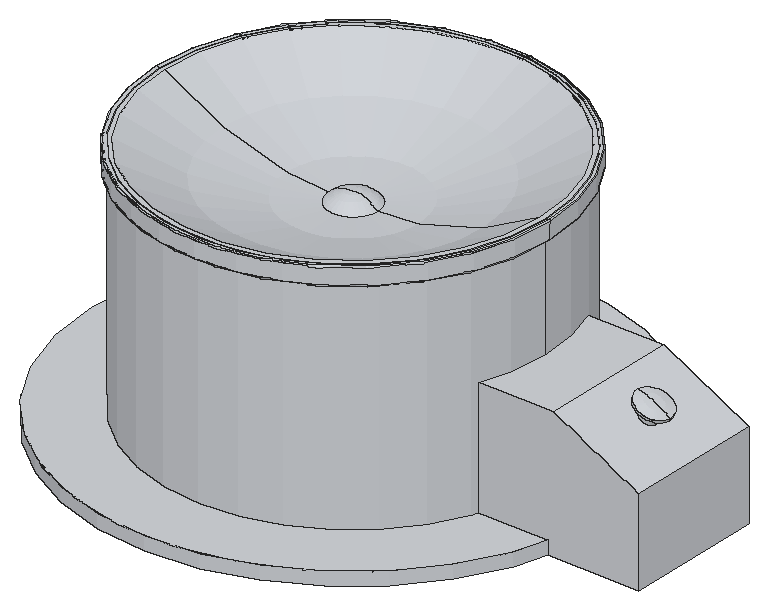
Revit family "Outdoor_Drinking_Fountain-Willoughby-WOPF-1", category Plumbing Fixtures, host Face, Revit 2015
Parameters (values of type "Standard")
  Waste DIA = 1 1/2"
  Waste Connection = yes
  Vent Connection = no
  HW Connection = no
  Default Elevation = 0' - 0"
  CW inlet Diameter = 3/8"
  CW Connection = yes
Reference planes (in)
  plane 1 "Center (Front/Back)": y = 0
  plane 2: z = 0
  plane 3 "Center (Left/Right)": x = 0
  plane 4: z = 7
  plane 5: x = 0.75
  plane 6: x = 1.4375
Forms (in)
  Extrusion 1, solid
    sketch origin (0, 0, 0) x (1, 0, 0) y (0, 1, 0)
      loop
        circle (0, 0) r 7.25
    from 0 to 0.375
  Extrusion 2, solid
    sketch origin (0, 0, 0) x (1, 0, 0) y (0, 1, 0)
      loop
        circle (0, 0) r 5.375
    from 0 to 7
  Revolve 3, solid, detail levels fine
    sketch origin (0, 0, 0) x (1, 0, 0) y (0, 0, 1)
      loop
        line (5.375, 7) -> (5.375, 6.5) -> (5.47033, 6.5)
        arc (5.47033, 6.5) -> (5.49131, 6.50869) -> (5.5, 6.52967) r 0.02967
        line (5.5, 6.52967) -> (5.5, 6.97391)
        arc (5.5, 6.97391) -> (5.49236, 6.99236) -> (5.47391, 7) r 0.02609
        line (5.47391, 7) -> (5.375, 7)
      axis (0, 7) -> (0, 6.5)
    angle from 0 to 360
  Revolve 4, void
    sketch origin (0, 0, 0) x (1, 0, 0) y (0, 0, 1)
      loop
        line (0, 7) -> (-5.25, 7)
        arc (-5.25, 7) -> (-2.74007, 5.84726) -> (0, 5.5) r 9.10636
        line (0, 5.5) -> (0, 7)
      axis (0, 7) -> (0, 5.5)
    angle from 0 to 360
  Extrusion 5, solid
    sketch origin (0, 0, 0) x (1, 0, 0) y (0, 1, 0)
      loop
        line (9.5, -1.90625) -> (9.5, 1.90625) -> (4.5, 1.90625) -> (4.5, -1.90625) -> (9.5, -1.90625)
    from 0 to 3.625
  Revolve 6, solid, detail levels fine
    sketch origin (0.1934, 0, 2.57779) x (0.906308, 0, -0.422618) y (0.422618, 0, 0.906308)
      loop
        line (7.07179, 3.8125) -> (7.07179, 4.1875) -> (7.07179, 4.3125)
        arc (7.07179, 4.3125) -> (6.81943, 4.3001) -> (6.57179, 4.25) r 1.68024
        line (6.57179, 4.25) -> (6.57179, 4.1875) -> (6.82179, 4.1875) -> (6.82179, 3.8125) -> (7.07179, 3.8125)
      axis (7.07179, 4.3125) -> (7.07179, 3.8125)
    angle from 0 to 360
  Revolve 7, solid, detail levels medium+fine
    sketch origin (0, 0, 0) x (1, 0, 0) y (0, 0, 1)
      loop
        line (0, 0) -> (0, -1.25) -> (0.75, -1.25) -> (0.75, 0) -> (0, 0)
      axis (0, 0) -> (0, -1.25)
    angle from 0 to 360
  Revolve 8, solid, detail levels medium+fine
    sketch origin (0, 0, 0) x (1, 0, 0) y (0, 0, 1)
      loop
        line (1.4375, 0) -> (1.4375, -1.25) -> (1.625, -1.25) -> (1.625, 0) -> (1.4375, 0)
      axis (1.4375, 0) -> (1.4375, -1.25)
    angle from 0 to 360
  Revolve 9, solid, detail levels medium+fine
    sketch origin (0, 0, 0) x (1, 0, 0) y (0, 0, 1)
      loop
        line (0, 5.49396) -> (0, 5.82258)
        arc (0, 5.82258) -> (-0.40852, 5.73477) -> (-0.75, 5.49396) r 1.04521
        line (-0.75, 5.49396) -> (0, 5.49396)
      axis (0, 5.82258) -> (0, 5.49396)
    angle from 0 to 360
  Extrusion 10, void
    sketch origin (0, 0, 0) x (1, 0, 0) y (0, 0, 1)
      loop
        line (9.5, 2.417) -> (9.5, 3.625) -> (7.139, 3.625) -> (9.5, 2.417)
    from -3 to 3
Cuts and joins
  Revolve 4 cuts Extrusion 2
  Extrusion 10 cuts Extrusion 5
Lines and regions (in)
  symbolic lines, detail levels medium+fine
    curve 1: line (4.9371, 2.125, 0) -> (9, 2.125, 0)
    curve 2: line (9, 2.125, 0) -> (9, -2.125, 0)
    curve 3: line (9, -2.125, 0) -> (4.9371, -2.125, 0)
    curve 10: arc (5.375, 0, 0) -> (0, -5.375, 0) -> (-5.375, 0, 0) r 5.375
    curve 11: arc (-5.375, 0, 0) -> (0, 5.375, 0) -> (5.375, 0, 0) r 5.375
    curve 19: line (-5.375, 0, 7) -> (-5.51625, 0, 7)
    curve 20: line (-5.51625, 0, 7) -> (-5.51625, 0, 6.5)
    curve 21: line (-5.51625, 0, 6.5) -> (5.48375, 0, 6.5)
    curve 22: line (5.48375, 0, 6.5) -> (5.48375, 0, 7)
    curve 23: line (5.48375, 0, 7) -> (5.375, 0, 7)
    curve 39: line (0, 5.375, 7) -> (0, 5.50063, 7)
    curve 40: line (0, 5.50063, 7) -> (0, 5.50063, 6.5)
    curve 41: line (0, 5.50063, 6.5) -> (0, -5.49937, 6.5)
    curve 42: line (0, -5.49937, 6.5) -> (0, -5.49937, 7)
    curve 43: line (0, -5.49937, 7) -> (0, -5.375, 7)
  symbolic lines, detail levels fine
    curve 4: arc (6.57179, 0, 0) -> (7.07179, 0.5, 0) -> (7.57179, 0, 0) r 0.5
    curve 5: arc (7.57179, 0, 0) -> (7.07179, -0.5, 0) -> (6.57179, 0, 0) r 0.5
    curve 6: arc (6.82179, 0, 0) -> (7.07179, 0.25, 0) -> (7.32179, 0, 0) r 0.25
    curve 7: arc (7.32179, 0, 0) -> (7.07179, -0.25, 0) -> (6.82179, 0, 0) r 0.25
    curve 12: circle (0, 0, 0) r 0.75 normal (0, 0, 1)
    curve 27: line (7.32179, 0, 3.8125) -> (7.32179, 0, 4.1875)
    curve 28: line (6.82179, 0, 3.8125) -> (6.82179, 0, 4.1875)
    curve 29: line (7.57179, 0, 4.25) -> (7.57179, 0, 4.1875)
    curve 30: line (7.57179, 0, 4.1875) -> (6.57179, 0, 4.1875)
    curve 31: line (6.57179, 0, 4.1875) -> (6.57179, 0, 4.25)
    curve 32: line (6.57179, 0, 4.25) -> (7.57179, 0, 4.25)
    curve 33: arc (6.57179, 0, 4.25) -> (7.07179, 0, 4.31534) -> (7.57179, 0, 4.25) r 1.94585
    curve 48: line (0, -0.25, 4.1875) -> (0, -0.25, 3.8125)
    curve 49: line (0, 0.25, 4.1875) -> (0, 0.25, 3.8125)
    curve 50: line (0, 0.5, 4.1875) -> (0, -0.5, 4.1875)
    curve 52: line (0, -0.5, 4.25) -> (0, 0.5, 4.25)
    curve 53: arc (0, 0.5, 4.25) -> (0, 0, 4.31485) -> (0, -0.5, 4.25) r 1.95981
    curve 54: line (0, 0.5, 4.25) -> (0, 0.5, 4.1875)
  symbolic lines
    curve 8: arc (7.24783, -0.17751, 0) -> (-0.08876, -7.24946, 0) -> (-7.25, 0, 0) r 7.25
    curve 9: arc (-7.25, 0, 0) -> (0, 7.25, 0) -> (7.25, 0, 0) r 7.25
    curve 13: line (7.25, 0, 0) -> (-7.25, 0, 0)
    curve 14: line (-7.25, 0, 0) -> (-7.25, 0, 0.375)
    curve 15: line (-7.25, 0, 0.375) -> (7.25, 0, 0.375)
    curve 16: line (-5.375, 0, 7) -> (-5.375, 0, 0.375)
    curve 17: line (-5.375, 0, 7) -> (5.375, 0, 7)
    curve 18: line (5.375, 0, 7) -> (5.375, 0, 0.375)
    curve 24: line (5.375, 0, 3.8125) -> (9, 0, 3.8125)
    curve 25: line (9, 0, 3.8125) -> (9, 0, 0)
    curve 26: line (9, 0, 0) -> (7.25, 0, 0)
    curve 34: line (0, -7.25, 0) -> (0, 7.25, 0)
    curve 35: line (0, 7.25, 0) -> (0, 7.25, 0.375)
    curve 36: line (0, 7.25, 0.375) -> (0, -7.25, 0.375)
    curve 37: line (0, -5.375, 7) -> (0, -5.375, 0.375)
    curve 38: line (0, 5.375, 7) -> (0, 5.375, 0.375)
    curve 44: line (0, -5.375, 7) -> (0, 5.375, 7)
    curve 45: line (0, -2.125, 0) -> (0, -2.125, 3.8125)
    curve 46: line (0, -2.125, 3.8125) -> (0, 2.125, 3.8125)
    curve 47: line (0, 2.125, 3.8125) -> (0, 2.125, 0)
    curve 51: line (0, -0.5, 4.1875) -> (0, -0.5, 4.25)
    curve 55: line (0, -7.25, 0.375) -> (0, -7.25, 0)
    curve 56: line (7.25, 0, 0.375) -> (7.25, 0, 0)
Dimensions and locks (in)
  aligned and locked: plane 2 to host face
  aligned and locked: level to host face
  aligned and locked: curve 56 to Extrusion 1
Connectors (in)
  piping at (1.4375, 0, -1.25), diameter 0.375, driven by "CW inlet Diameter", driven by "CW Connection"
    settings: on Revolve 8, index 1, connector inside diameter 24", connector length 0' - 0", flow factor 0, pipe flow 0 GPM, pressure drop 0.00 psi, fitting loss kfactor 0, connector angle 0.00°, fixture units 0, engagement length 0' - 0", angle of deflection 0.00°, flow configuration 0, flow direction 0, fitting loss method 0, system type 7, joint type 0, gender type 0, connector reference index -1, connector utility 1, adjustable connector no, is connector primary yes, connector description "CW Inlet"
  piping at (0, 0, -1.25), diameter 0.375, driven by "CW inlet Diameter", driven by "Waste Connection"
    settings: on Revolve 7, index 2, connector inside diameter 24", connector length 0' - 0", flow factor 0, pipe flow 0 GPM, pressure drop 0.00 psi, fitting loss kfactor 0, connector angle 0.00°, fixture units 0, engagement length 0' - 0", angle of deflection 0.00°, flow configuration 0, flow direction 0, fitting loss method 0, system type 7, joint type 0, gender type 0, connector reference index -1, connector utility 1, adjustable connector no, is connector primary no, connector description "CW Inlet"
